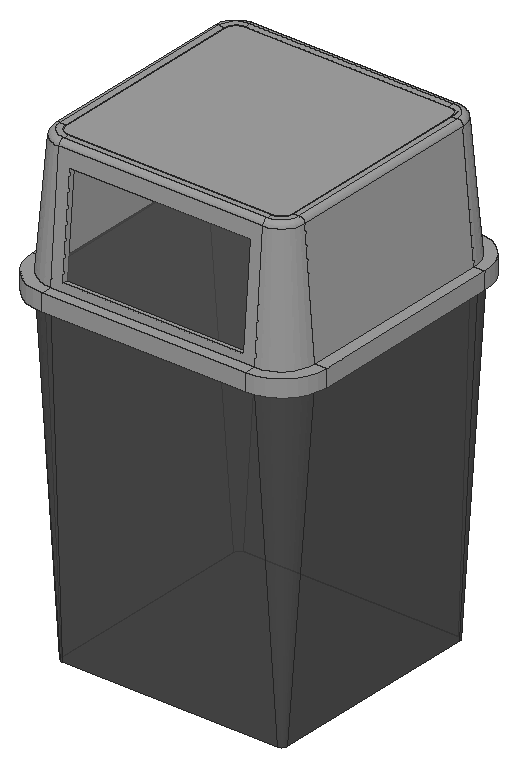
Revit family
Reference planes
  plane 1 "중심(앞/뒤)": y = 0
  plane 2: z = 0
  plane 3 "중심(왼쪽/오른쪽)": x = 0
  plane 4: z = 762
  plane 5 "상단": z = 1066.8
  plane 6: y = 254
  plane 7: x = 254
  plane 8: y = -254
  plane 9: x = -254
  plane 10: z = 1054.1
Forms (mm)
  Blend 1, solid, material "플라스틱 - 검은색"
    base sketch origin (0, 0, 0) x (1, 0, 0) y (0, 1, 0)
      loop
        arc (-241.3, 254) -> (-250.28, 250.28) -> (-254, 241.3) r 12.7
        line (-254, 241.3) -> (-254, -241.3)
        arc (-254, -241.3) -> (-250.28, -250.28) -> (-241.3, -254) r 12.7
        line (-241.3, -254) -> (241.3, -254)
        arc (241.3, -254) -> (250.28, -250.28) -> (254, -241.3) r 12.7
        line (254, -241.3) -> (254, 241.3)
        arc (254, 241.3) -> (250.28, 250.28) -> (241.3, 254) r 12.7
        line (241.3, 254) -> (-241.3, 254)
    top sketch origin (0, 0, 0) x (1, 0, 0) y (0, 1, 0)
      loop
        arc (-228.6, 304.8) -> (-282.482, 282.482) -> (-304.8, 228.6) r 76.2
        line (-304.8, 228.6) -> (-304.8, -228.6)
        arc (-304.8, -228.6) -> (-282.482, -282.482) -> (-228.6, -304.8) r 76.2
        line (-228.6, -304.8) -> (228.6, -304.8)
        arc (228.6, -304.8) -> (282.482, -282.482) -> (304.8, -228.6) r 76.2
        line (304.8, -228.6) -> (304.8, 228.6)
        arc (304.8, 228.6) -> (282.482, 282.482) -> (228.6, 304.8) r 76.2
        line (228.6, 304.8) -> (-228.6, 304.8)
    from 0 to 762
  Extrusion 2, solid, material "플라스틱 - 회색. 짙음"
    sketch origin (0, 0, 0) x (1, 0, 0) y (0, 1, 0)
      loop
        arc (-228.6, 241.3) -> (-246.561, 233.861) -> (-254, 215.9) r 25.4
        line (-254, 215.9) -> (-254, -228.6)
        arc (-254, -228.6) -> (-246.561, -246.561) -> (-228.6, -254) r 25.4
        line (-228.6, -254) -> (228.6, -254)
        arc (228.6, -254) -> (246.561, -246.561) -> (254, -228.6) r 25.4
        line (254, -228.6) -> (254, 228.6)
        arc (254, 228.6) -> (250.28, 237.58) -> (241.3, 241.3) r 12.7
        line (241.3, 241.3) -> (-228.6, 241.3)
    from 1066.8 to 1054.1
  Sweep 3, solid, material "플라스틱 - 회색. 짙음"
    path origin (0, 0, 0) x (1, 0, 0) y (0, 1, 0)
      loop
        line (228.6, 241.3) -> (-228.6, 241.3)
        arc (-228.6, 241.3) -> (-246.561, 233.861) -> (-254, 215.9) r 25.4
        line (-254, 215.9) -> (-254, -228.6)
        arc (-254, -228.6) -> (-246.561, -246.561) -> (-228.6, -254) r 25.4
        line (-228.6, -254) -> (228.6, -254)
        arc (228.6, -254) -> (246.561, -246.561) -> (254, -228.6) r 25.4
        line (254, -228.6) -> (254, 215.9)
        arc (254, 215.9) -> (246.561, 233.861) -> (228.6, 241.3) r 25.4
    profile origin (0, 0, 0) x (0, -1, 0) y (0, 0, 1)
      loop
        line (-241.3, 1066.8) -> (-255.063, 1066.8)
        arc (-255.063, 1066.8) -> (-263.643, 1063.463) -> (-267.714, 1055.207) r 12.7
        line (-267.714, 1055.207) -> (-291.605, 782.137) -> (-317.005, 782.137) -> (-317.005, 744.037) -> (-304.305, 744.037) -> (-304.305, 769.437) -> (-279.967, 769.437) -> (-255.063, 1054.1) -> (-241.3, 1054.1) -> (-241.3, 1066.8)
  Extrusion 4, void
    sketch origin (-228.6, -304.305, 782.137) x (-1, 0, 0) y (0, 0.087156, 0.996195)
      loop
        line (-25.4, 240.214) -> (-431.8, 240.214) -> (-431.8, 17.977) -> (-25.4, 17.977) -> (-25.4, 240.214)
    from 0 to 70.211
Cuts and joins
  Extrusion 4 cuts Blend 1
  Extrusion 4 cuts Extrusion 2
  Extrusion 4 cuts Sweep 3
Lines and regions (mm)
  symbolic lines, style "대지 액세서리"
    curve 1: line (253.722, 254, 0) -> (-256.292, 254, 0)
    curve 2: line (253.722, -256.292, 0) -> (253.722, 254, 0)
    curve 3: line (-256.292, -256.292, 0) -> (253.722, -256.292, 0)
    curve 4: line (-256.292, 254, 0) -> (-256.292, -256.292, 0)
Dimensions and locks
  locked: plane 4 to plane 2 at 762
  locked: plane 5 "상단" to plane 4 at 304.8
  aligned and locked: plane 4 to Blend 1
  aligned and locked: Extrusion 2 to plane 5 "상단"
  aligned and locked: Extrusion 2 to plane 10
  aligned and locked: Sweep 3 sketch curve to Extrusion 2
